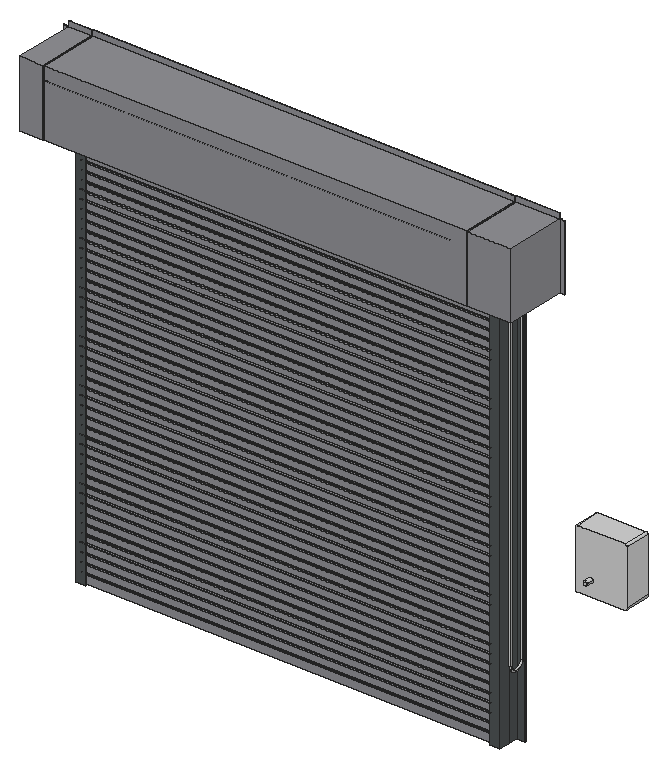
Revit family "RapidSlat-Rolling-Steel-Service-Doors_OHD_Model-626_compact", category Specialty Equipment, host Wall, Revit 2023
Family settings
  Host = Wall
  Round Connector Dimension = Use Diameter
  Part Type = Normal
  OmniClass Number = 23.30.10.21.34
  OmniClass Title = Industrial Doors
  Enable Cutting in Views = No
  Always vertical = Yes
  Cut with Voids When Loaded = Yes
  Maintain Annotation Orientation = No
  Shared = No
  Room Calculation Point = No
Parameters (values of type "208 volts, one phase, 60 Hz (208-240V range)")
  Warning Sign [instance] = if(Calculated Area > 683.00 SF, 1 = 1, 1 = 2)  # no
  Warning (Note) [instance] = if(Warning Sign, "The Door Area is out of the limit; please adjust accordingly. The maximum allowed area is 683 sq. ft.", if(Opening Height > 360", "Headroom Clearance Dimensions - out of the limits. Consult Factory", " "))  # " "
  Wall Thickness [instance] = 6"
  Voltage = 208 V
  Version = "1.00.01"  # constant formula
  True Opening Width [instance] = Clear Width  # 120"
  True Opening Height [instance] = Clear Height  # 120"
  Slat Type [instance] = "F-265i"  # constant formula
  Slat Option [instance] = 2  # constant formula
  Slat Length [instance] = Clear Width + G Value * 2 - 1" / 2 * 2  # 126"
  Slat Height [instance] = 13 19/128"  # constant formula
  Slat [instance] = if(Slat Option < 2, 1, 2)  # 2
  Product Page URL = "https://www.overheaddoor.com/rolling-steel-service-doors-626"
  Power Factor = 1
  Powder Coat (Note) = "PowderGuard® Premium powder coat finish options are available in approximately 200 colors as well as custom matching to specification. PowderGuard® Textured finish, a thicker, more scratch resistant coat, is available in 11 colors providing enhanced scratch resistance as well as aiding in hiding the dirt and blemishes that often occur in commercial environments.​"  # constant formula
  Opening Width Real [instance] = if(Opening Width > Max Opening Width, Max Opening Width, if(Opening Width < Min Opening Width, Min Opening Width, Opening Width))  # 120"
  Opening Width [instance] = 120"
  Opening Height Real [instance] = if(Opening Height > Max Opening Height, Max Opening Height, if(Opening Height < Min Opening Height, Min Opening Height, Opening Height))  # 120"
  Opening Height [instance] = 120"
  One Array element [instance] = not(Array Vis)  # no
  Number of Poles = 1
  Motor Position [instance] = M Value - G Value  # 2 3/4"
  Min Opening Width [instance] = 18"  # constant formula
  Min Opening Height [instance] = 24"  # constant formula
  Max Opening Width [instance] = 360"  # constant formula
  Max Opening Height [instance] = 240"  # constant formula
  Material Finish [instance] = 626 : Standard - Gray
  M Value [instance] = if(or(Opening Width < 108", Opening Width = 108"), 5 3/4", if(or(Opening Width < 180", Opening Width = 180"), 6 1/4", if(or(Opening Width < 240", Opening Width = 240"), 7 1/4", 9 1/4")))  # 6 1/4"
  Installation Real [instance] = Wall Thickness  # 6"
  Hood Type [instance] = "Square Hood"  # constant formula
  Hood Offset [instance] = 4"  # constant formula
  Hood Material [instance] = Metal - Overhead Door - Gray
  Hood Height [instance] = A Value + 2"  # 20"
  Headroom Height Real [instance] = Hood Offset + Hood Height  # 24"
  Headroom Height [instance] = Headroom Height Real + 1 1/2"  # 25 1/2"
  HC 4 [instance] = if(or(Clear Height < 84", Clear Height = 84"), 16", if(or(Clear Height < 132", Clear Height = 132"), 18", if(or(Clear Height < 192", Clear Height = 192"), 20", 22")))  # 18"
  HC 3 [instance] = if(or(Clear Height < 108", Clear Height = 108"), 16", if(or(Clear Height < 168", Clear Height = 168"), 18", 20"))  # 18"
  HC 2 [instance] = if(or(Clear Height < 60", Clear Height = 60"), 14", if(or(Clear Height < 120", Clear Height = 120"), 16", if(or(Clear Height < 180", Clear Height = 180"), 18", 20")))  # 16"
  HC 1 [instance] = if(or(Clear Height < 96", Clear Height = 96"), 14", if(or(Clear Height < 168", Clear Height = 168"), 16", 18"))  # 16"
  Guide Type [instance] = "Angled Z Guide"  # constant formula
  Guid Depth [instance] = D Value  # 6 1/4"
  G Value [instance] = if(or(Opening Width < 108", Opening Width = 108"), 3", if(or(Opening Width < 180", Opening Width = 180"), 3 1/2", if(or(Opening Width < 240", Opening Width = 240"), 4", 5 9/16")))  # 3 1/2"
  Frequency = 60 Hz
  Face of Wall Offset [instance] = 5"  # constant formula
  Door Width True [instance] = Clear Width + M Value * 2  # 132 1/2"
  Door Width (Real) [instance] = Clear Width + 1"  # 121"
  Door Height True [instance] = Clear Width + Headroom Height  # 145 1/2"
  Door Height (Real) [instance] = Clear Height + Hood Offset  # 124"
  URL = "https://www.overheaddoor.com/"
  Product data url = "https://www.bimobject.com/overhead-door/product/rapidslat-rolling-steel-service-doors-626"
  Product Guid = "a66eed82-2c6d-4bdc-adc6-971020adabf3"
  Model = "626"  # constant formula
  Manufacturer = "Overhead Door Corporation"  # constant formula
  Wall Closure = By host
  Floor To (CL) of Shaft [instance] = Clear Height + Hood Height / 2 + Hood Offset  # 134"
  Finish Material = Finish - Overhead Door - Black
  Description = "RapidSlat Model 626 Stormtite Advanced Performance service door R-value 7.7, U-value .13, Smoke generation 10, Flame spread 5, STC 21"  # constant formula
  Default Elevation = 0"
  Date Updated = "2026/05/29"  # constant formula
  D Value [instance] = if(or(Opening Width < 108", Opening Width = 108"), 5 11/16", if(or(Opening Width < 180", Opening Width = 180"), 6 1/4", if(or(Opening Width < 240", Opening Width = 240"), 6 3/16", 7 1/16")))  # 6 1/4"
  Clear Width [instance] = Opening Width Real  # 120"
  Clear Height [instance] = Opening Height Real  # 120"
  Current = 20 A
  BimObject_Variable_Connectors = "No"  # constant formula
  Backroom Depth [instance] = A Value + 1/2"  # 18 1/2"
  BJ Displacement Real [instance] = 0"  # constant formula
  Array Vis [instance] = if(Array < 2, 1 = 2, 1 = 1)  # yes
  Array Real [instance] = if(Array < 2, 2, Array)  # 10
  Array Length [instance] = (Array) * Slat Height  # 131 31/64"
  Array [instance] = rounddown(([Door Height (Real)] - 3") / Slat Height) + 1  # 10
  Calculated Area [instance] = [Door Width (Real)] * [Door Height (Real)]  # 104.194 SF
  Apparent Load Phase 3 = if(Number of Poles = 1, 0 VA, (Voltage * Current * sqrt(3)) / 3)  # 0 VA
  Apparent Load Phase 2 = if(Number of Poles = 1, 0 VA, (Voltage * Current * sqrt(3)) / 3)  # 0 VA
  Apparent Load Phase 1 = if(Number of Poles = 1, Voltage * Current, (Voltage * Current * sqrt(3)) / 3)  # 4160 VA
  A Value [instance] = if(Slat Option < 2, HC 3, HC 4)  # 18"
Reference planes (in)
  plane 1 "Center (Front/Back)": y = -14.625
  plane 2 "Center (Left/Right)": x = 0
  plane 3 "Left": x = -60
  plane 4 "Right": x = 60
  plane 5 "Exterior": y = -8.625
  plane 6 "Interior": y = -14.625
  plane 7: x = 66.25
  plane 8: x = -66.25
  plane 9: z = 120
  plane 10 "Main": y = -20.23437
  plane 11 "Backroom Depth": y = -32.125
  plane 12 "Main Door Block": y = -13.625
  plane 13 "Bottom Bar": z = 2.75
  plane 14: y = -20.875
  plane 15: z = 134.23438
  plane 16: z = 144
  plane 17: z = 124
  plane 18: z = 145.5
  plane 19: z = 0
  plane 20: z = 60
  plane 21: y = -20.0625
  plane 22: y = 18.375
  plane 23: y = -41.625
  plane 24 "Double Main": y = -19.656
  plane 25 "Headroom Top": z = 145.5
  plane 26: z = 134
  plane 27: x = 63.5
  plane 28: x = -63.5
  plane 29: z = 121.08594
  plane 30: y = -20.0625
  plane 31: z = 2.75
  plane 32: y = -20.0625
  plane 33: z = 121.08594
  plane 34: y = -20.0625
  plane 35: z = 15.89844
  plane 36: y = -20.0625
  plane 37: z = 29.04688
  plane 38: y = -20.0625
  plane 39: z = 42.19531
  plane 40: y = -20.0625
  plane 41: z = 55.34375
  plane 42: y = -20.0625
  plane 43: z = 68.49219
  plane 44: y = -20.0625
  plane 45: z = 81.64063
  plane 46: y = -20.0625
  plane 47: z = 94.78906
  plane 48: y = -20.0625
  plane 49: z = 107.9375
  plane 50: z = 2.75
  plane 51: y = -20.0625
  plane 52: z = 121.08594
  plane 53: y = -20.0625
  plane 54: z = 15.89844
  plane 55: y = -20.0625
  plane 56: z = 29.04688
  plane 57: y = -20.0625
  plane 58: z = 42.19531
  plane 59: y = -20.0625
  plane 60: z = 55.34375
  plane 61: y = -20.0625
  plane 62: z = 68.49219
  plane 63: y = -20.0625
  plane 64: z = 81.64063
  plane 65: y = -20.0625
  plane 66: z = 94.78906
  plane 67: y = -20.0625
  plane 68: z = 107.9375
  plane 69: y = -20.0625
Forms (in)
  Extrusion 1, void
    sketch origin (0, -13.625, 0) x (0, 0, -1) y (-1, 0, 0)
      loop
        line (-120, 60) -> (-120, -60) -> (0, -60) -> (0, 60) -> (-120, 60)
    from -1 to 5
Text (in)
  text "Exterior" at (-74.96733, 27.31104, 0), in view "Ref. Level"
  text "Interior" at (-74.96733, -25.14366, 0), in view "Ref. Level"
  text "Exterior" at (0, 40.15149, 123.01588), in view "Right"
  text "Interior" at (0, -64.39139, 123.01588), in view "Right"
  text "Interior" at (0, -31.01599, 123.00693), in view "Left"
  text "Exterior" at (0, 54.57065, 123.00693), in view "Left"
Dimensions and locks (in)
  equal spacing: plane 3 "Left", plane 2 "Center (Left/Right)", plane 4 "Right"
  "Clear Width": plane 3 "Left" to plane 4 "Right"
  level to host wall = 459.59655"
  "Clear Height": level to plane 9
  plane 7 to plane 8 = 132 1/2"
  equal spacing: plane 7, plane 2 "Center (Left/Right)", plane 8
  locked: plane 13 "Bottom Bar" to level at 2.75
  "Door Width True": plane 7 to plane 8
  locked: plane 14 to plane 10 "Main" at 0.64063
  "Array Length": plane 15 to plane 13 "Bottom Bar"
  "Backroom Depth": plane 11 "Backroom Depth" to plane 12 "Main Door Block"
  "Hood Height": plane 16 to plane 17
  locked: plane 18 to plane 16 at 1.5
  "Installation Real": plane 1 "Center (Front/Back)" to plane 5 "Exterior"
  "Wall Thickness": host wall to host wall
  equal spacing: plane 9, plane 20, plane 19
  locked: plane 10 "Main" to plane 21 at 0.17187
  equal spacing: plane 22, host wall, plane 23
  locked: plane 22 to plane 23 at 60
  locked: plane 10 "Main" to plane 24 "Double Main" at 0.57837
  "Hood Offset": plane 17 to plane 9
  "Headroom Height": plane 25 "Headroom Top" to plane 9
  "Floor To (CL) of Shaft": plane 26 to level
  "Motor Position": plane 7 to plane 27
  "Motor Position": plane 28 to plane 8
  "Guid Depth": plane 14 to plane 1 "Center (Front/Back)"
  "Slat Height": plane 15 to plane 29
  equal spacing: group 1, group 3, group 4, group 5, group 6, group 7, group 8, group 9, group 10, group 2  (x2)
  equal spacing: group 2, group 10, group 9, group 8, group 7, group 6, group 5, group 4, group 3, group 1
  equal spacing: group 12, group 20, group 19, group 18, group 17, group 16, group 15, group 14, group 13, group 11  (x2)
  equal spacing: group 11, group 13, group 14, group 15, group 16, group 17, group 18, group 19, group 20, group 12
  aligned and locked: plane 5 "Exterior" to host wall
  aligned and locked: host wall to plane 6 "Interior"
  aligned and locked: level to Extrusion 1 sketch curve
  aligned and locked: Extrusion 1 to plane 5 "Exterior"
  aligned and locked: plane 6 "Interior" to Extrusion 1
  aligned and locked: nested 1 to plane 2 "Center (Left/Right)"
  aligned and locked: nested 1 to level
  aligned and locked: level to plane 19
  aligned and locked: nested 1 to plane 1 "Center (Front/Back)"
  aligned and locked: plane 2 "Center (Left/Right)" to nested 2
  aligned and locked: nested 2 to plane 22
  aligned and locked: plane 23 to nested 3
  aligned and locked: nested 3 to plane 2 "Center (Left/Right)"
  aligned and locked: nested 4 to plane 20
  aligned and locked: plane 2 "Center (Left/Right)" to nested 4
  aligned and locked: nested 4 to plane 21
  aligned and locked: plane 4 "Right" to Extrusion 1 sketch curve
  aligned and locked: plane 3 "Left" to Extrusion 1 sketch curve
  aligned and locked: Extrusion 1 sketch curve to plane 9
  aligned and locked: plane 13 "Bottom Bar" to plane 31
  aligned and locked: plane 21 to plane 30
  aligned and locked: plane 29 to plane 33
  aligned and locked: plane 32 to plane 21
  aligned and locked: plane 13 "Bottom Bar" to plane 50
  aligned and locked: plane 21 to plane 51
  aligned and locked: plane 29 to plane 52
  aligned and locked: plane 53 to plane 21
  aligned and locked: plane 21 to nested 15
Nested families (in)
  nested 1: "Lifts" at (0, -14.625, 0), type "Frame Unit"
    with Square Hood yes, Round Hood no, Right Motor Position yes, Octagon Hood no, No Hood no, M Value 6 1/4", Hood Offset 4", Headroom Height Real 24", G Value 3 1/2", Headroom Height 24", Guide Offset 3 1/2", Guide Z Wide 2 3/4", Floor To (CL) of Shaft 134", D Value 6 1/4"
  nested 2: "Label Annotation 1" at (0, 18.375, 0), visible <- "Warning Sign", type "Label Annotation 1"
  nested 3: "Label Annotation 1" at (0, -41.625, 0) x (-1, 0, 0) z (0, 0, 1), visible <- "Warning Sign", type "Label Annotation 1"
  nested 4: "Warning Sign" at (0, -20.0625, 60), visible <- "Warning Sign", type "Warning Sign"
    with Warning Sign no
  nested 5: "626" at (0, -20.0625, 2.75), Slat Option <- "Slat", Opening Width <- "Slat Length", visible <- "Array Vis", type <- "Material Finish", type "Standard - Gray"
    with not av no, Void Offset 1 1/2", Void Height 1", Slat Width 3/4", Slat Position + Offset 14.491", Slat Position 13.15", Slat Option 2, Opening Width 126", Integrated Cutout no, F-265i yes, F 265 no, Cutout Width Offset 1", Cutout Vertical Offset 1.341", Cutout Thickness 3/4", Cutout Horizontal Offset 1"
  nested 6: "626" at (0, -20.0625, 121.08594), Slat Option <- "Slat", Opening Width <- "Slat Length", visible <- "Array Vis", type <- "Material Finish", type "Standard - Gray"
    with not av no, Void Offset 1 1/2", Void Height 1", Slat Width 3/4", Slat Position + Offset 14.491", Slat Position 13.15", Slat Option 2, Opening Width 126", Integrated Cutout no, F-265i yes, F 265 no, Cutout Width Offset 1", Cutout Vertical Offset 1.341", Cutout Thickness 3/4", Cutout Horizontal Offset 1"
  nested 7: "626" at (0, -20.0625, 15.89844), Slat Option <- "Slat", Opening Width <- "Slat Length", visible <- "Array Vis", type <- "Material Finish", type "Standard - Gray"
    with not av no, Void Offset 1 1/2", Void Height 1", Slat Width 3/4", Slat Position + Offset 14.491", Slat Position 13.15", Slat Option 2, Opening Width 126", Integrated Cutout no, F-265i yes, F 265 no, Cutout Width Offset 1", Cutout Vertical Offset 1.341", Cutout Thickness 3/4", Cutout Horizontal Offset 1"
  nested 8: "626" at (0, -20.0625, 29.04688), Slat Option <- "Slat", Opening Width <- "Slat Length", visible <- "Array Vis", type <- "Material Finish", type "Standard - Gray"
    with not av no, Void Offset 1 1/2", Void Height 1", Slat Width 3/4", Slat Position + Offset 14.491", Slat Position 13.15", Slat Option 2, Opening Width 126", Integrated Cutout no, F-265i yes, F 265 no, Cutout Width Offset 1", Cutout Vertical Offset 1.341", Cutout Thickness 3/4", Cutout Horizontal Offset 1"
  nested 9: "626" at (0, -20.0625, 42.19531), Slat Option <- "Slat", Opening Width <- "Slat Length", visible <- "Array Vis", type <- "Material Finish", type "Standard - Gray"
    with not av no, Void Offset 1 1/2", Void Height 1", Slat Width 3/4", Slat Position + Offset 14.491", Slat Position 13.15", Slat Option 2, Opening Width 126", Integrated Cutout no, F-265i yes, F 265 no, Cutout Width Offset 1", Cutout Vertical Offset 1.341", Cutout Thickness 3/4", Cutout Horizontal Offset 1"
  nested 10: "626" at (0, -20.0625, 55.34375), Slat Option <- "Slat", Opening Width <- "Slat Length", visible <- "Array Vis", type <- "Material Finish", type "Standard - Gray"
    with not av no, Void Offset 1 1/2", Void Height 1", Slat Width 3/4", Slat Position + Offset 14.491", Slat Position 13.15", Slat Option 2, Opening Width 126", Integrated Cutout no, F-265i yes, F 265 no, Cutout Width Offset 1", Cutout Vertical Offset 1.341", Cutout Thickness 3/4", Cutout Horizontal Offset 1"
  nested 11: "626" at (0, -20.0625, 68.49219), Slat Option <- "Slat", Opening Width <- "Slat Length", visible <- "Array Vis", type <- "Material Finish", type "Standard - Gray"
    with not av no, Void Offset 1 1/2", Void Height 1", Slat Width 3/4", Slat Position + Offset 14.491", Slat Position 13.15", Slat Option 2, Opening Width 126", Integrated Cutout no, F-265i yes, F 265 no, Cutout Width Offset 1", Cutout Vertical Offset 1.341", Cutout Thickness 3/4", Cutout Horizontal Offset 1"
  nested 12: "626" at (0, -20.0625, 81.64063), Slat Option <- "Slat", Opening Width <- "Slat Length", visible <- "Array Vis", type <- "Material Finish", type "Standard - Gray"
    with not av no, Void Offset 1 1/2", Void Height 1", Slat Width 3/4", Slat Position + Offset 14.491", Slat Position 13.15", Slat Option 2, Opening Width 126", Integrated Cutout no, F-265i yes, F 265 no, Cutout Width Offset 1", Cutout Vertical Offset 1.341", Cutout Thickness 3/4", Cutout Horizontal Offset 1"
  nested 13: "626" at (0, -20.0625, 94.78906), Slat Option <- "Slat", Opening Width <- "Slat Length", visible <- "Array Vis", type <- "Material Finish", type "Standard - Gray"
    with not av no, Void Offset 1 1/2", Void Height 1", Slat Width 3/4", Slat Position + Offset 14.491", Slat Position 13.15", Slat Option 2, Opening Width 126", Integrated Cutout no, F-265i yes, F 265 no, Cutout Width Offset 1", Cutout Vertical Offset 1.341", Cutout Thickness 3/4", Cutout Horizontal Offset 1"
  nested 14: "626" at (0, -20.0625, 107.9375), Slat Option <- "Slat", Opening Width <- "Slat Length", visible <- "Array Vis", type <- "Material Finish", type "Standard - Gray"
    with not av no, Void Offset 1 1/2", Void Height 1", Slat Width 3/4", Slat Position + Offset 14.491", Slat Position 13.15", Slat Option 2, Opening Width 126", Integrated Cutout no, F-265i yes, F 265 no, Cutout Width Offset 1", Cutout Vertical Offset 1.341", Cutout Thickness 3/4", Cutout Horizontal Offset 1"
  nested 15: "626" at (0, -20.0625, 2.75), Slat Option <- "Slat", Opening Width <- "Slat Length", visible <- "One Array element", type <- "Material Finish", type "Standard - Gray"
    with not av no, Void Offset 1 1/2", Void Height 1", Slat Width 3/4", Slat Position + Offset 14.491", Slat Position 13.15", Slat Option 2, Opening Width 126", Integrated Cutout no, F-265i yes, F 265 no, Cutout Width Offset 1", Cutout Vertical Offset 1.341", Cutout Thickness 3/4", Cutout Horizontal Offset 1"
Connectors (in)
  electrical at (94.92963, -22.165, 60.07037), driven by "Apparent Load Phase 1", driven by "Apparent Load Phase 2", driven by "Apparent Load Phase 3", driven by "Power Factor", driven by "Voltage", driven by "Number of Poles"
    settings: on nested 1, index 1, voltage 208 V, apparent load 0 VA, apparent load phase1 4160 VA, apparent load phase2 0 VA, apparent load phase3 0 VA, power factor 1, load classification "Other", number of poles 1, system type 31, power factor state 1, is connector primary yes, connector utility no, sub classification motor no, connector description "Electrical Connector"
Definition of nested family "Lifts"
  Parameters (values of type "Frame Unit")
    True Width = if(Between Jambs, Opening Width, Opening Width + 1/2")  # 120 1/2"
    Square Hood [instance] = if(Hood Option = 2, 1 = 1, 1 = 2)  # yes
    Slat Option = 1
    Round Hood [instance] = if(Hood Option > 3, 1 = 1, 1 = 2)  # no
    Rough Width = 0"
    Rough Height = 0"
    Right Motor Position [instance] = yes
    Octagon Hood [instance] = if(Hood Option = 3, 1 = 1, 1 = 2)  # no
    No Hood [instance] = if(Hood Option < 2, 1 = 1, 1 = 2)  # no
    M Value = 7 1/2"
    Hood Type = if(Hood Option < 2, "No Hood", if(Hood Option = 2, "Square Hood", if(Hood Option = 3, "Octagon Hood", "Round Hood")))  # "Square Hood"
    Hood Option = 2
    Hood Offset = 3"
    Hood Height = Headroom Height Real - Hood Offset  # 20"
    Headroom Height Real = Headroom Height  # 23"
    Half Octagon Side = 3.41726"
    Half Hood Height = Headroom Height - Hood Offset  # 20"
    G Value = 4 1/2"
    E Guide Width = if(Between Jambs, Guide Offset - G Value + BJ Connection Length - BJ Displacement * 2 / 3, 3")  # 3"
    E Guide Height = 3"  # constant formula
    Z Guide = 1 = 1  # yes
    Slat Material = none
    Shaft Offset = if(Hood Height < Header Width, (Header Width - (Header Width - Hood Height)) / 2, Header Width / 2)  # 9 1/4"
    Shaft Material = none
    Shaft Length 2 = 18"  # constant formula
    Shaft Length 1 = 12"  # constant formula
    Setback = if(Between Jambs, 0", 1/2")  # 1/2"
    Opening Width = 120"
    Hood Material = none
    Headroom Height = 23"
    Header Width = 18 1/2"
    Opening Height = 120"
    Guide Type = if(Between Jambs, "Angled Between Jambs Z Guide", if(Guide Option > 1, "Angled Z Guide", "Angled E Guide"))  # "Angled Z Guide"
    Guide Option = if(Between Jambs, 1, 2)  # 2
    Guide Offset = BJ Displacement + G Value  # 4 1/2"
    Guide Z Wide = if(Between Jambs, Guide Offset - G Value + BJ Connection Length - BJ Displacement * 2 / 3, M Value - G Value)  # 3"
    Guide Z Height = 3"  # constant formula
    Floor To (CL) of Shaft = 133"
    Finish Material = none
    Face to Wall Mount = not(Between Jambs)  # yes
    E Guide = if(Between Jambs, 1 = 1, 1 = 2)  # no
    Default Elevation = 0"
    D Value = 5 3/16"
    Chain offset = if(Opening Height < 35", Opening Height - 5", 30")  # 30"
    Between Jambs = no
    BJ Position = if(Between Jambs, 1/4", 0")  # 0"
    BJ Displacement = 0"
    BJ Connection Length = 1 / 3 * BJ Displacement  # 0"
    Angled Guide = 1 = 1  # yes
    1 = 15 1/2"
  Reference planes (in)
    plane 1 "Center (Front/Back)": y = 0
    plane 2: z = 0
    plane 3 "Center (Left/Right)": x = 0
    plane 4 "Opening Height": z = 120
    plane 5: x = -72
    plane 6: x = 78
    plane 7: z = 143
    plane 8: y = 18.5
    plane 9 "Real Opening 2": x = -60
    plane 10 "Real Opening 1": x = 60
    plane 11: z = 123
    plane 12 "Main": y = 0
    plane 13: z = 133
    plane 14: x = 64.5
    plane 15: x = -64.5
    plane 16: x = -64.5
    plane 17: x = 64.5
    plane 18: y = 5.1875
    plane 19: x = -64.25
    plane 20: x = 64.25
    plane 21: z = 144.5
    plane 22: y = 5.1875
    plane 23: y = 4.0625
    plane 24: y = 5.1875
    plane 25: y = 4.0625
    plane 26: y = 0.25
    plane 27: z = 123
    plane 28: z = 30
    plane 29: z = 0
    plane 30: x = 74
    plane 31: x = 96
    plane 32: z = 60
    plane 33: y = 7.54
    plane 34: x = 76.25
    plane 35: x = -70.25
  Forms (in)
    Extrusion 1, solid, material <- "Slat Material"
      sketch origin (0, 0, 0) x (0, 1, 0) y (0, 0, 1)
        loop
          line (4.375, 2.375) -> (4.375, 2.75) -> (3.75, 2.75) -> (3.75, 2.375) -> (4.375, 2.375)
      from -64.25 to 64.25
    Extrusion 2, solid, material <- "Slat Material"
      sketch origin (0, 0, 0) x (0, 1, 0) y (0, 0, 1)
        loop
          line (4.375, 2.375) -> (3.75, 2.375) -> (3.75, 0) -> (4.375, 0) -> (4.375, 2.375)
      from -64.25 to 64.25
    Extrusion 3, solid, material <- "Shaft Material"
      sketch origin (0, -5.35201, 0) x (0, 1, 0) y (0, 0, 1)
        loop
          circle (14.60201, 133) r 0.6
      from -70.25 to 76.25
    Extrusion 4, solid, material <- "Hood Material", visible <- "Square Hood"
      sketch origin (0, 0, 0) x (0, 1, 0) y (0, 0, 1)
        loop
          line (0, 123) -> (18.5, 123) -> (18.5, 144.5) -> (0, 144.5) -> (0, 123)
      from -64.25 to 64.25
    Extrusion 5, solid, material <- "Finish Material", visible <- "E Guide"
      sketch origin (0, 0, 0) x (1, 0, 0) y (0, 1, 0)
        loop
          line (61.5, 0) -> (64.5, 0) -> (64.5, 3) -> (64.4375, 3)
          arc (64.4375, 3) -> (64.30492, 2.94508) -> (64.25, 2.8125) r 0.1875
          line (64.25, 2.8125) -> (64.25, 0.25) -> (61.6875, 0.25)
          arc (61.6875, 0.25) -> (61.55492, 0.19508) -> (61.5, 0.0625) r 0.1875
          line (61.5, 0.0625) -> (61.5, 0)
        loop
          line (-61.5, 0) -> (-61.5, 0.0625)
          arc (-61.5, 0.0625) -> (-61.55492, 0.19508) -> (-61.6875, 0.25) r 0.1875
          line (-61.6875, 0.25) -> (-64.25, 0.25) -> (-64.25, 2.8125)
          arc (-64.25, 2.8125) -> (-64.30492, 2.94508) -> (-64.4375, 3) r 0.1875
          line (-64.4375, 3) -> (-64.5, 3) -> (-64.5, 0) -> (-61.5, 0)
      from 0 to 123
    Extrusion 6, solid, material <- "Finish Material", visible <- "Z Guide"
      sketch origin (0, 0, 0) x (1, 0, 0) y (0, 1, 0)
        loop
          line (67.5, 0) -> (67.5, 0.062)
          arc (67.5, 0.062) -> (67.44494, 0.19494) -> (67.312, 0.25) r 0.188
          line (67.312, 0.25) -> (64.75, 0.25) -> (64.75, 2.812)
          arc (64.75, 2.812) -> (64.69494, 2.94494) -> (64.562, 3) r 0.188
          line (64.562, 3) -> (64.5, 3) -> (64.5, 0) -> (67.5, 0)
        loop
          line (-67.5, 0) -> (-64.5, 0) -> (-64.5, 3) -> (-64.562, 3)
          arc (-64.562, 3) -> (-64.69494, 2.94494) -> (-64.75, 2.812) r 0.188
          line (-64.75, 2.812) -> (-64.75, 0.25) -> (-67.312, 0.25)
          arc (-67.312, 0.25) -> (-67.44494, 0.19494) -> (-67.5, 0.062) r 0.188
          line (-67.5, 0.062) -> (-67.5, 0)
      from 0 to 123
    Extrusion 7, solid, material <- "Finish Material", visible <- "Angled Guide"
      sketch origin (0, 0, 0) x (1, 0, 0) y (0, 1, 0)
        loop
          line (60.5, 5.1875) -> (60.5, 5.1245)
          arc (60.5, 5.1245) -> (60.55477, 4.99227) -> (60.687, 4.9375) r 0.187
          line (60.687, 4.9375) -> (64.25, 4.9375) -> (64.25, 3.1875) -> (60.5, 3.1875) -> (60.5, 3.1245)
          arc (60.5, 3.1245) -> (60.55477, 2.99227) -> (60.687, 2.9375) r 0.187
          line (60.687, 2.9375) -> (64, 2.9375) -> (64, 1.25) -> (64.25, 1.25) -> (64.25, 0.9375) -> (64.5, 0.9375) -> (64.5, 5.1875) -> (60.5, 5.1875)
        loop
          line (-60.5, 5.1875) -> (-64.5, 5.1875) -> (-64.5, 0.9375) -> (-64.25, 0.9375) -> (-64.25, 1.25) -> (-64, 1.25) -> (-64, 2.9375) -> (-60.687, 2.9375)
          arc (-60.687, 2.9375) -> (-60.55477, 2.99227) -> (-60.5, 3.1245) r 0.187
          line (-60.5, 3.1245) -> (-60.5, 3.1875) -> (-64.25, 3.1875) -> (-64.25, 4.9375) -> (-60.687, 4.9375)
          arc (-60.687, 4.9375) -> (-60.55477, 4.99227) -> (-60.5, 5.1245) r 0.187
          line (-60.5, 5.1245) -> (-60.5, 5.1875)
      from 0 to 123
    Extrusion 8, solid, material <- "Hood Material"
      sketch origin (0, 0, 0) x (-1, 0, 0) y (0, 0, 1)
        loop
          line (64.25, 123) -> (64.5, 123) -> (64.5, 143) -> (64.25, 143) -> (64.25, 123)
        loop
          line (-64.5, 123) -> (-64.25, 123) -> (-64.25, 143) -> (-64.5, 143) -> (-64.5, 123)
      from 0 to 18.5
    Extrusion 9, solid, material <- "Hood Material"
      sketch origin (0, 0, 0) x (1, 0, 0) y (0, 1, 0)
        loop
          line (-72, 0) -> (-64.5, 0) -> (-64.5, 18.5) -> (-72, 18.5) -> (-72, 0)
        loop
          line (78, 0) -> (78, 18.5) -> (64.5, 18.5) -> (64.5, 0) -> (78, 0)
      from 123 to 144.5
    Extrusion 10, void
      sketch origin (0, 0, 0) x (1, 0, 0) y (0, 0, 1)
        loop
          line (-72, 144.5) -> (-72, 123) -> (-70.5, 123) -> (-70.5, 143) -> (76.5, 143) -> (76.5, 120) -> (78, 120) -> (78, 144.5) -> (-72, 144.5)
      from -0.25 to -18.5
    Extrusion 11, void
      sketch origin (0, 0, 0) x (1, 0, 0) y (0, 0, 1)
        loop
          line (-72, 143) -> (-70.5, 143) -> (-70.5, 144.5) -> (-72, 144.5) -> (-72, 143)
        loop
          line (78, 143) -> (78, 144.5) -> (76.5, 144.5) -> (76.5, 143) -> (78, 143)
      from 0 to -0.25
    Sweep 12, solid
      path origin (74, -12.75, 1000) x (0, -1, 0) y (0, 0, 1)
        loop
          line (-28.53866, -877) -> (-28.53866, -970)
          arc (-28.53866, -970) -> (-26.10116, -972.4375) -> (-23.66366, -970) r 2.4375
          line (-23.66366, -970) -> (-23.66366, -877)
      profile origin (74, 15.78866, 76.5) x (-1, 0, 0) y (0, -1, 0)
        loop
          circle (0, 0.2675) r 0.2675
    Extrusion 13, solid
      sketch origin (96, 0, 60) x (1, 0, 0) y (0, 0, 1)
        loop
          line (7.25, 8.90625) -> (-7.25, 8.90625)
          arc (-7.25, 8.90625) -> (-7.60355, 8.7598) -> (-7.75, 8.40625) r 0.5
          line (-7.75, 8.40625) -> (-7.75, -8.40625)
          arc (-7.75, -8.40625) -> (-7.60355, -8.7598) -> (-7.25, -8.90625) r 0.5
          line (-7.25, -8.90625) -> (6.68702, -8.90625)
          arc (6.68702, -8.90625) -> (7.43866, -8.59491) -> (7.75, -7.84327) r 1.06298
          line (7.75, -7.84327) -> (7.75, 8.40625)
          arc (7.75, 8.40625) -> (7.60355, 8.7598) -> (7.25, 8.90625) r 0.5
      from 0 to -7.54
    Revolve 14, solid, visible <- "Right Motor Position"
      sketch origin (96, 0, 55.5) x (0, -1, 0) y (1, 0, 0)
        loop
          line (-7.54, -3.41542) -> (-7.54, -2.66542) -> (-9.312, -2.81542) -> (-9.312, -3.41542) -> (-7.54, -3.41542)
        axis (-7.54, -3.41542) -> (-9.312, -3.41542)
      angle from 0 to 360
  Cuts and joins
    Extrusion 10, Extrusion 11 cuts Extrusion 9
    Extrusion 10 cuts Extrusion 4
  Lines and regions (in)
    Masking region 1
      outline origin (0, 0, 0) x (1, 0, 0) y (0, 1, 0)
        loop
          line (-64.5, 18.5) -> (-64.5, 0) -> (64.5, 0) -> (64.5, 18.5) -> (-64.5, 18.5)
    Masking region 2
      outline origin (0, 0, 0) x (1, 0, 0) y (0, 1, 0)
        loop
          line (64.5, 0) -> (78, 0) -> (78, 0.25) -> (76.5, 0.25) -> (76.5, 18.5) -> (64.5, 18.5) -> (64.5, 0)
        loop
          line (-64.5, 0) -> (-64.5, 18.5) -> (-70.5, 18.5) -> (-70.5, 0.25) -> (-72, 0.25) -> (-72, 0) -> (-64.5, 0)
    Masking region 3
      outline origin (0, 0, 0) x (1, 0, 0) y (0, 1, 0)
        loop
          line (88.25, 7.54) -> (88.25, 0) -> (103.75, 0) -> (103.75, 7.54) -> (88.25, 7.54)
    Masking region 4
      outline origin (92.64, 2.54, 60) x (0, -1, 0) y (1, 0, 0)
        loop
          line (-6.772, 0.54458) -> (-6.772, -0.65542) -> (-5, -0.80542) -> (-5, 0.69458) -> (-6.772, 0.54458)
    symbolic lines
      curve 1: line (-64.25, 0, 0) -> (-64.25, 18.5, 0)
      curve 2: line (64.25, 18.5, 0) -> (64.25, 0, 0)
      curve 4: line (-72, 0.25, 0) -> (78, 0.25, 0)
    symbolic lines, visible <- "Octagon Hood"
      curve 3: line (-64.25, 14.69239, 0) -> (64.25, 14.69239, 0)
    reference lines
      curve 5: line (96, 0, 60) -> (105, 0, 60)
      curve 6: line (96, 0, 55.5) -> (101.75, 0, 55.5)
  Dimensions and locks (in)
    Extrusion 1 sketch curve to level = 2 3/8"
    locked: Extrusion 1 sketch curve to Extrusion 1 sketch curve at 0.625
    locked: Extrusion 2 sketch curve to level at 2.375
    "Headroom Height Real": plane 7 to plane 4 "Opening Height"
    plane 8 to plane 1 "Center (Front/Back)" = 18 1/2"
    "Opening Height": plane 4 "Opening Height" to level
    "Hood Offset": plane 11 to plane 4 "Opening Height"
    "BJ Position": plane 12 "Main" to plane 1 "Center (Front/Back)"
    "Header Width": plane 12 "Main" to plane 8
    "Floor To (CL) of Shaft": plane 13 to level
    "Shaft Offset": Extrusion 3 sketch curve to plane 8
    locked: Extrusion 2 sketch curve to Extrusion 2 sketch curve at 0.625
    "Guide Offset": plane 10 "Real Opening 1" to plane 14
    "Guide Offset": plane 15 to plane 9 "Real Opening 2"
    locked: Extrusion 5 sketch curve to Extrusion 5 sketch curve at 0.25  (x4)
    "E Guide Height": Extrusion 5 sketch curve to Extrusion 5 sketch curve  (x2)
    "E Guide Width": Extrusion 5 sketch curve to Extrusion 5 sketch curve  (x2)
    locked: Extrusion 6 sketch curve to Extrusion 6 sketch curve at 0.25  (x4)
    "Guide Z Wide": Extrusion 6 sketch curve to Extrusion 6 sketch curve  (x2)
    "Guide Z Height": Extrusion 6 sketch curve to Extrusion 6 sketch curve  (x2)
    locked: Extrusion 7 sketch curve to Extrusion 7 sketch curve at 0.25  (x8)
    locked: Extrusion 7 sketch curve to Extrusion 7 sketch curve at 2.25  (x2)
    locked: Extrusion 7 sketch curve to Extrusion 7 sketch curve at 4.25  (x2)
    locked: Extrusion 7 sketch curve to Extrusion 7 sketch curve at 0.3125  (x2)
    "Setback": plane 10 "Real Opening 1" to Extrusion 7 sketch curve
    "Setback": Extrusion 7 sketch curve to plane 9 "Real Opening 2"
    equal spacing: plane 15, plane 3 "Center (Left/Right)", plane 14
    "G Value": Extrusion 6 sketch curve to plane 9 "Real Opening 2"
    "G Value": plane 10 "Real Opening 1" to Extrusion 6 sketch curve
    "G Value": plane 10 "Real Opening 1" to plane 17
    "G Value": plane 16 to plane 9 "Real Opening 2"
    "Shaft Length 1": plane 5 to plane 9 "Real Opening 2"
    "Shaft Length 2": plane 6 to plane 10 "Real Opening 1"
    locked: Extrusion 2 to plane 17 at 0.25
    locked: Extrusion 2 to plane 16 at 0.25
    locked: plane 16 to plane 19 at 0.25
    locked: plane 20 to plane 17 at 0.25
    equal spacing: plane 9 "Real Opening 2", plane 3 "Center (Left/Right)", plane 10 "Real Opening 1"
    "Opening Width": plane 9 "Real Opening 2" to plane 10 "Real Opening 1"
    locked: plane 21 to plane 7 at 1.5
    "D Value": plane 1 "Center (Front/Back)" to plane 18
    "D Value": plane 22 to plane 1 "Center (Front/Back)"
    locked: plane 22 to plane 23 at 1.125
    equal spacing: Extrusion 1 sketch curve, plane 23, Extrusion 1 sketch curve
    "D Value": plane 24 to plane 1 "Center (Front/Back)"
    locked: plane 24 to plane 25 at 1.125
    equal spacing: Extrusion 2 sketch curve, plane 25, Extrusion 2 sketch curve
    "G Value": plane 10 "Real Opening 1" to Extrusion 7 sketch curve
    "G Value": Extrusion 7 sketch curve to plane 9 "Real Opening 2"
    locked: Extrusion 10 sketch curve to Extrusion 10 sketch curve at 1.5  (x2)
    locked: plane 26 to plane 12 "Main" at 0.25
    locked: Extrusion 11 sketch curve to Extrusion 11 sketch curve at 1.5  (x2)
    "Chain offset": plane 28 to plane 29
    locked: plane 30 to plane 6 at 4
    locked: plane 20 to plane 31 at 31.75
    locked: plane 32 to level at 60
    locked: curve 5 to curve 5 at 9
    equal spacing: Masking region 3 sketch curve, plane 31, Masking region 3 sketch curve
    locked: Revolve 14 sketch curve to Revolve 14 sketch curve at 0.6
    locked: Revolve 14 sketch curve to Revolve 14 sketch curve at 0.75
    locked: plane 33 to Revolve 14 sketch curve at 1.772
    locked: Masking region 3 sketch curve to Masking region 3 sketch curve at 7.54
    locked: curve 5 to curve 6 at 4.5
    locked: curve 6 to curve 6 at 5.75
    locked: Masking region 3 sketch curve to plane 31 at 7.75
    locked: plane 34 to plane 6 at 1.75
    locked: plane 5 to plane 35 at 1.75
    radius of Extrusion 5 sketch curve = 3/16"  (x4)
    radius of Extrusion 6 sketch curve = 0.188"  (x4)
    locked: Extrusion 7 sketch curve to Extrusion 7 sketch curve (radius 0.187")  (x4)
    aligned and locked: plane 2 to level
    aligned and locked: Extrusion 4 sketch curve to plane 8
    aligned and locked: plane 13 to Extrusion 3 sketch curve
    aligned and locked: plane 12 "Main" to Extrusion 5 sketch curve  (x2)
    aligned and locked: Extrusion 5 sketch curve to plane 14
    aligned and locked: plane 15 to Extrusion 5 sketch curve
    aligned and locked: Extrusion 6 sketch curve to plane 1 "Center (Front/Back)"  (x2)
    aligned and locked: Extrusion 7 sketch curve to Extrusion 7 sketch curve  (x4)
    aligned and locked: plane 18 to Extrusion 7 sketch curve
    aligned and locked: Extrusion 7 sketch curve to plane 18
    aligned and locked: plane 12 "Main" to Extrusion 4 sketch curve
    aligned and locked: Extrusion 8 sketch curve to plane 11  (x2)
    aligned and locked: Extrusion 8 sketch curve to plane 7  (x2)
    aligned and locked: plane 16 to Extrusion 8 sketch curve
    aligned and locked: Extrusion 8 sketch curve to plane 17
    aligned and locked: Masking region 1 sketch curve to Extrusion 4
    aligned and locked: Masking region 1 to curve 2  (x2)
    aligned and locked: Masking region 1 to curve 1  (x2)
    aligned and locked: Extrusion 2 to Extrusion 1
    aligned and locked: Extrusion 1 to Extrusion 2
    aligned and locked: Masking region 1 to plane 16
    aligned and locked: Masking region 1 to plane 17
    aligned and locked: plane 19 to Extrusion 8 sketch curve
    aligned and locked: plane 20 to Extrusion 8 sketch curve
    aligned and locked: plane 19 to Extrusion 4
    aligned and locked: Extrusion 4 to plane 20
    aligned and locked: plane 8 to Extrusion 8
    aligned and locked: plane 19 to curve 3
    aligned and locked: plane 20 to curve 3
    aligned and locked: Extrusion 4 sketch curve to plane 11
    aligned and locked: Extrusion 6 to plane 11
    aligned and locked: plane 11 to Extrusion 5
    aligned and locked: plane 11 to Extrusion 7
    aligned and locked: Extrusion 9 sketch curve to plane 5
    aligned and locked: plane 16 to Extrusion 9 sketch curve
    aligned and locked: plane 1 "Center (Front/Back)" to Extrusion 9 sketch curve
    aligned and locked: Extrusion 9 sketch curve to plane 8  (x2)
    aligned and locked: Extrusion 9 sketch curve to plane 6
    aligned and locked: Extrusion 9 sketch curve to plane 14
    aligned and locked: Extrusion 9 sketch curve to plane 1 "Center (Front/Back)"
    aligned and locked: Extrusion 9 to plane 11
    aligned and locked: Extrusion 9 to plane 21
    aligned and locked: Extrusion 10 sketch curve to plane 21
    aligned and locked: Extrusion 10 sketch curve to plane 7
    aligned and locked: Extrusion 10 sketch curve to plane 5
    aligned and locked: Extrusion 10 sketch curve to plane 6
    aligned and locked: Extrusion 10 sketch curve to plane 11
    aligned and locked: Extrusion 10 sketch curve to plane 4 "Opening Height"
    aligned and locked: Extrusion 10 to plane 8
    aligned and locked: Extrusion 10 to plane 26
    aligned and locked: Extrusion 4 sketch curve to plane 21
    aligned and locked: plane 5 to Extrusion 11 sketch curve
    aligned and locked: plane 6 to Extrusion 11 sketch curve
    aligned and locked: Extrusion 11 sketch curve to plane 7
    aligned and locked: Extrusion 11 sketch curve to plane 21
    aligned and locked: plane 21 to Extrusion 11 sketch curve
    aligned and locked: plane 7 to Extrusion 11 sketch curve
    aligned and locked: plane 26 to Extrusion 11
    aligned and locked: Extrusion 11 to plane 1 "Center (Front/Back)"
    aligned and locked: Masking region 2 sketch curve to plane 14
    aligned and locked: Masking region 2 sketch curve to cut or joined group of Extrusion 9, Extrusion 10, Extrusion 11  (x5)
    aligned and locked: cut or joined group of Extrusion 9, Extrusion 10, Extrusion 11 to Masking region 2 sketch curve
    aligned and locked: Masking region 2 sketch curve to plane 6
    aligned and locked: plane 16 to Masking region 2 sketch curve
    aligned and locked: Masking region 2 sketch curve to plane 26
    aligned and locked: Masking region 2 sketch curve to plane 5
    aligned and locked: plane 1 "Center (Front/Back)" to Masking region 2 sketch curve
    aligned and locked: curve 4 to plane 26
    aligned and locked: plane 6 to curve 4
    aligned and locked: plane 5 to curve 4
    aligned and locked: plane 27 to Sweep 12 sketch curve  (x2)
    aligned and locked: plane 28 to Sweep 12 sketch curve  (x2)
    aligned and locked: plane 11 to plane 27
    aligned and locked: level to plane 29
    aligned and locked: plane 31 to curve 5
    aligned and locked: curve 5 to plane 32
    aligned and locked: Revolve 14 sketch curve to Revolve 14 sketch curve
    aligned and locked: Revolve 14 sketch curve to plane 33
    aligned and locked: Masking region 4 sketch curve to Revolve 14  (x2)
    aligned and locked: Masking region 3 sketch curve to plane 1 "Center (Front/Back)"
    aligned and locked: plane 31 to curve 6
    aligned and locked: Extrusion 3 to plane 34
    aligned and locked: plane 35 to Extrusion 3
  Automatic sketch dimensions
    curve 3 to curve 2 = 3.80761"
    Masking region 1 sketch curve to plane 1 "Center (Front/Back)" = 0"
    Masking region 1 sketch curve to plane 15 = 0"
    Masking region 1 sketch curve to plane 14 = 0"
    Sweep 12 sketch curve to plane 8 = 2.71134"
    Sweep 12 sketch curve to Sweep 12 sketch curve = 2 7/16"
    Sweep 12 sketch curve to profile plane = 0"
    Sweep 12 sketch curve to profile plane = 0.2675"
    Masking region 4 sketch curve to curve 5 = 4.16542"
    Masking region 4 sketch curve to curve 5 = 4.01542"
    Masking region 4 sketch curve to curve 5 = 2.81542"
    Masking region 4 sketch curve to curve 5 = 2.66542"
    Extrusion 13 sketch curve to curve 5 = 7 3/4"
    Extrusion 13 sketch curve to Extrusion 13 sketch curve = 1/2"  (x3)
    Extrusion 13 sketch curve to curve 5 = 1 3/4"
    Extrusion 13 sketch curve to curve 5 = 8 29/32"
    curve 5 to Extrusion 13 sketch curve = 8 13/32"
    Extrusion 13 sketch curve to Extrusion 13 sketch curve = 1.06298"
    Revolve 14 sketch curve to curve 6 = 3.41542"
    Revolve 14 sketch curve to curve 6 = 18.88505"
    Revolve 14 sketch curve to curve 6 = 3.07036"
    Extrusion 1 sketch curve to Extrusion 1 sketch curve = 3/8"
    Extrusion 2 sketch curve to level = 0"
    radius of Extrusion 3 sketch curve = 0.6"
    radius of Sweep 12 sketch curve = 0.2675"
Definition of nested family "626"
  Parameters (values of type "Standard - Gray")
    not av [instance] = 1 = 2  # no
    Void Offset [instance] = if(Integrated Cutout, 3/8", 1 1/2")  # 1 1/2"
    Void Height [instance] = 1"  # constant formula
    Standard = yes
    Slat Width [instance] = if(Slat Option < 2, 0.63", 3/4")  # 3/4"
    Slat Position + Offset [instance] = Slat Position + Cutout Vertical Offset  # 14.491"
    Slat Position [instance] = 2.63" * 5  # 13.15"
    Slat Option [instance] = 3
    Rough Height = 0"
    Perforation = no
    Fenestration Small = no
    Fenestration Large = no
    F-265i [instance] = if(Slat Option > 1, 1 = 1, 1 = 2)  # yes
    F 265 [instance] = if(Slat Option < 2, 1 = 1, 1 = 2)  # no
    Cutout Width Offset [instance] = 1"  # constant formula
    Cutout Thickness [instance] = 3/4"  # constant formula
    Cutout Material 2 = none
    Cutout Horizontal Offset [instance] = 1"  # constant formula
    Cutout Material = none
    Panel Material = none
    Opening Width [instance] = 128"
    Cutout Vertical Offset [instance] = if(F 265, 0.894", 1.341")  # 1.341"
    Default Elevation = 48"
    Integrated Cutout [instance] = if(or(Fenestration Large, Fenestration Small), 1 = 1, 1 = 2)  # no
    Analytic Construction = "<None>"
  Types (6): name | Void Offset | Fenestration Large | Integrated Cutout
    Standard - White | 1 1/2" | no | no
    Standard - Tan | 1 1/2" | no | no
    Standard - Gray | 1 1/2" | no | no
    Vision lites 1”x10” - White | 3/8" | yes | yes
    Vision lites 1”x10” - Tan | 3/8" | yes | yes
    Vision lites 1”x10” - Gray | 3/8" | yes | yes
  Reference planes (in)
    plane 1 "Center (Front/Back)": y = 0
    plane 2: z = 0
    plane 3 "Center (Left/Right)": x = 0
    plane 4: x = -64
    plane 5: x = 64
    plane 6: y = 0.75
    plane 7: y = 0
    plane 8: y = 0.375
    plane 9: y = 0.29845
    plane 10: x = -63
    plane 11: x = 63
  Forms (in)
    Extrusion 1, void
      sketch origin (0, 0, 0) x (0, 1, 0) y (0, 0, 1)
        loop
          line (1.04845, 1.841) -> (1.04845, 0.841) -> (1.79845, 0.841) -> (1.79845, 1.841) -> (1.04845, 1.841)
        loop
          line (1.04845, 4.471) -> (1.04845, 3.471) -> (1.79845, 3.471) -> (1.79845, 4.471) -> (1.04845, 4.471)
        loop
          line (1.04845, 7.101) -> (1.04845, 6.101) -> (1.79845, 6.101) -> (1.79845, 7.101) -> (1.04845, 7.101)
        loop
          line (1.04845, 9.731) -> (1.04845, 8.731) -> (1.79845, 8.731) -> (1.79845, 9.731) -> (1.04845, 9.731)
        loop
          line (1.04845, 12.361) -> (1.04845, 11.361) -> (1.79845, 11.361) -> (1.79845, 12.361) -> (1.04845, 12.361)
      from -63 to 63
    Extrusion 2, solid, material <- "Panel Material", visible <- "F-265i"
      sketch origin (0, -4.98186, 12.78) x (0, 1, 0) y (0, 0, 1)
        loop
          arc (5.02225, -12.96295) -> (5.02275, -12.99569) -> (5.03693, -13.0252) r 0.07621
          line (5.03693, -13.0252) -> (5.55133, -13.18684)
          arc (5.55133, -13.18684) -> (5.62265, -13.17501) -> (5.65531, -13.11052) r 0.08
          line (5.65531, -13.11052) -> (5.65531, -10.66688)
          arc (5.65531, -10.66688) -> (5.63343, -10.61191) -> (5.57975, -10.58701) r 0.08
          line (5.57975, -10.58701) -> (5.0815, -10.5593)
          arc (5.0815, -10.5593) -> (5.05605, -10.54876) -> (5.04551, -10.52331) r 0.03599
          line (5.04551, -10.52331) -> (5.06989, -10.41003) -> (5.55133, -10.5613)
          arc (5.55133, -10.5613) -> (5.62265, -10.54948) -> (5.65531, -10.48498) r 0.08
          line (5.65531, -10.48498) -> (5.65531, -8.04135)
          arc (5.65531, -8.04135) -> (5.63343, -7.98637) -> (5.57975, -7.96147) r 0.08
          line (5.57975, -7.96147) -> (5.08148, -7.93379)
          arc (5.08148, -7.93379) -> (5.05603, -7.92325) -> (5.04548, -7.89779) r 0.036
          line (5.04548, -7.89779) -> (5.06953, -7.78438) -> (5.55133, -7.93577)
          arc (5.55133, -7.93577) -> (5.62265, -7.92394) -> (5.65531, -7.85945) r 0.08
          line (5.65531, -7.85945) -> (5.65531, -5.41582)
          arc (5.65531, -5.41582) -> (5.63343, -5.36084) -> (5.57975, -5.33594) r 0.08
          line (5.57975, -5.33594) -> (5.0815, -5.30824)
          arc (5.0815, -5.30824) -> (5.05605, -5.2977) -> (5.04551, -5.27225) r 0.03599
          line (5.04551, -5.27225) -> (5.06989, -5.15896) -> (5.55133, -5.31024)
          arc (5.55133, -5.31024) -> (5.62265, -5.29841) -> (5.65531, -5.23392) r 0.08
          line (5.65531, -5.23392) -> (5.65531, -2.79028)
          arc (5.65531, -2.79028) -> (5.63343, -2.73531) -> (5.57975, -2.71041) r 0.08
          line (5.57975, -2.71041) -> (5.08148, -2.68272)
          arc (5.08148, -2.68272) -> (5.05603, -2.67218) -> (5.04548, -2.64673) r 0.036
          line (5.04548, -2.64673) -> (5.06953, -2.53332) -> (5.55133, -2.68471)
          arc (5.55133, -2.68471) -> (5.62265, -2.67288) -> (5.65531, -2.60839) r 0.08
          line (5.65531, -2.60839) -> (5.65531, -0.16474)
          arc (5.65531, -0.16474) -> (5.63335, -0.10968) -> (5.57953, -0.08485) r 0.08
          line (5.57953, -0.08485) -> (5.08062, -0.05849)
          arc (5.08062, -0.05849) -> (5.05598, -0.04829) -> (5.04577, -0.02365) r 0.03484
          line (5.04577, -0.02365) -> (5.09718, 0.2281)
          arc (5.09718, 0.2281) -> (5.4945, 0.38868) -> (5.06596, 0.39136) r 0.21842
          line (5.06596, 0.39136) -> (4.90531, -0.02051) -> (4.90531, -1.84216) -> (5.59531, -1.84216) -> (5.59531, -2.59573)
          arc (5.59531, -2.59573) -> (5.58306, -2.61992) -> (5.55632, -2.62435) r 0.03
          line (5.55632, -2.62435) -> (5.08132, -2.4751) -> (5.09726, -2.39704)
          arc (5.09726, -2.39704) -> (5.49507, -2.23803) -> (5.0667, -2.23228) r 0.21842
          line (5.0667, -2.23228) -> (4.90531, -2.64604) -> (4.90531, -4.46587) -> (5.59531, -4.46587) -> (5.59531, -5.22127)
          arc (5.59531, -5.22127) -> (5.58306, -5.24545) -> (5.55632, -5.24989) r 0.03
          line (5.55632, -5.24989) -> (5.08164, -5.10073) -> (5.09752, -5.02297)
          arc (5.09752, -5.02297) -> (5.49502, -4.86333) -> (5.0667, -4.85781) r 0.21842
          line (5.0667, -4.85781) -> (4.90531, -5.27158) -> (4.90531, -7.0914) -> (5.59531, -7.0914) -> (5.59531, -7.8468)
          arc (5.59531, -7.8468) -> (5.58306, -7.87098) -> (5.55632, -7.87542) r 0.03
          line (5.55632, -7.87542) -> (5.08132, -7.72616) -> (5.09726, -7.6481)
          arc (5.09726, -7.6481) -> (5.49507, -7.4891) -> (5.0667, -7.48335) r 0.21842
          line (5.0667, -7.48335) -> (4.90531, -7.89711) -> (4.90531, -9.71693) -> (5.59531, -9.71693) -> (5.59531, -10.47233)
          arc (5.59531, -10.47233) -> (5.58306, -10.49652) -> (5.55632, -10.50095) r 0.03
          line (5.55632, -10.50095) -> (5.08164, -10.3518) -> (5.09752, -10.27403)
          arc (5.09752, -10.27403) -> (5.49502, -10.1144) -> (5.0667, -10.10888) r 0.21842
          line (5.0667, -10.10888) -> (4.90531, -10.52264) -> (4.90531, -12.34247) -> (5.59531, -12.34247) -> (5.59531, -13.09787)
          arc (5.59531, -13.09787) -> (5.58306, -13.12205) -> (5.55632, -13.12649) r 0.03
          line (5.55632, -13.12649) -> (5.08132, -12.97723) -> (5.09726, -12.89917)
          arc (5.09726, -12.89917) -> (5.49489, -12.73921) -> (5.06631, -12.7363) r 0.21842
          line (5.06631, -12.7363) -> (5.01978, -12.96245)
      from -64 to 64
  Cuts and joins
    Extrusion 1 cuts Extrusion 2
  Lines and regions (in)
    reference lines
      curve 1: line (0, -4.98186, 12.78) -> (0, 10.2077, 12.78)
      curve 2: line (0, -2.86663, 14.491) -> (0, 7.85337, 14.491)
      curve 3: line (0, -2.86663, 11.861) -> (0, 7.85337, 11.861)
      curve 4: line (0, -2.86663, 9.231) -> (0, 7.85337, 9.231)
      curve 5: line (0, -2.86663, 6.601) -> (0, 7.85337, 6.601)
      curve 6: line (0, -2.86663, 1.341) -> (0, 7.85337, 1.341)
      curve 7: line (0, -2.86663, 3.971) -> (0, 7.85337, 3.971)
  Dimensions and locks (in)
    equal spacing: plane 4, plane 3 "Center (Left/Right)", plane 5
    "Opening Width": plane 4 to plane 5
    "Slat Width": plane 1 "Center (Front/Back)" to plane 6
    equal spacing: plane 1 "Center (Front/Back)", plane 8, plane 6
    "Cutout Width Offset": plane 4 to plane 10
    "Cutout Width Offset": plane 5 to plane 11
    "Void Height": Extrusion 1 sketch curve to Extrusion 1 sketch curve  (x5)
    locked: curve 1 to level at 12.78
    "Slat Position": curve 6 to curve 2
    equal spacing: Extrusion 1 sketch curve, curve 3, Extrusion 1 sketch curve
    equal spacing: Extrusion 1 sketch curve, curve 4, Extrusion 1 sketch curve
    equal spacing: Extrusion 1 sketch curve, curve 6, Extrusion 1 sketch curve
    equal spacing: Extrusion 1 sketch curve, curve 5, Extrusion 1 sketch curve
    equal spacing: curve 6, curve 7, curve 5, curve 4, curve 3, curve 2
    equal spacing: Extrusion 1 sketch curve, curve 7, Extrusion 1 sketch curve
    "Cutout Vertical Offset": curve 6 to plane 2
    "Slat Width": Extrusion 1 sketch curve to Extrusion 1 sketch curve
    "Void Offset": plane 9 to Extrusion 1 sketch curve
    locked: plane 9 to plane 8 at 0.07655
    aligned and locked: plane 2 to level
    aligned and locked: plane 1 "Center (Front/Back)" to plane 7
    aligned and locked: plane 9 to nested 1
    aligned and locked: plane 3 "Center (Left/Right)" to nested 1
    aligned and locked: Extrusion 1 sketch curve to Extrusion 1 sketch curve  (x8)
    aligned and locked: plane 10 to Extrusion 1
    aligned and locked: plane 11 to Extrusion 1
    aligned and locked: plane 3 "Center (Left/Right)" to nested 2
    aligned and locked: plane 3 "Center (Left/Right)" to nested 3
    aligned and locked: plane 3 "Center (Left/Right)" to nested 4
    aligned and locked: plane 3 "Center (Left/Right)" to nested 5
    aligned and locked: plane 9 to nested 2
    aligned and locked: plane 9 to nested 3
    aligned and locked: plane 9 to nested 4
    aligned and locked: plane 9 to nested 5
    aligned and locked: plane 5 to Extrusion 2
    aligned and locked: plane 4 to Extrusion 2
  Automatic sketch dimensions
    plane 1 "Center (Front/Back)" to curve 1 = 4.98186"
    plane 1 "Center (Front/Back)" to curve 7 = 2.86663"
    curve 1 to curve 2 = 2.11523"
    curve 5 to curve 7 = 0"
    curve 3 to curve 2 = 0"  (x2)
    curve 6 to curve 7 = 0"
    curve 4 to curve 3 = 0"
    curve 2 to plane 6 = 7.10337"
    curve 5 to plane 6 = 7.10337"
    curve 4 to curve 5 = 0"
    curve 6 to curve 5 = 0"
    curve 7 to curve 5 = 0"
    curve 2 to curve 1 = 2.35433"
    curve 1 to Extrusion 2 sketch curve = 4.90531"  (x4)
    Extrusion 2 sketch curve to Extrusion 2 sketch curve = 0"  (x2)
    Extrusion 2 sketch curve to Extrusion 2 sketch curve = 0.13162"
    Extrusion 2 sketch curve to Extrusion 2 sketch curve = 0.14017"  (x2)
    Extrusion 2 sketch curve to Extrusion 2 sketch curve = 0.14019"  (x2)
    curve 1 to Extrusion 2 sketch curve = 5.27225"
    Extrusion 2 sketch curve to Extrusion 2 sketch curve = 0.14046"
    Extrusion 2 sketch curve to Extrusion 2 sketch curve = 0.02019"
    Extrusion 2 sketch curve to Extrusion 2 sketch curve = 0.02119"  (x2)
    Extrusion 2 sketch curve to Extrusion 2 sketch curve = 0.02122"  (x2)
    curve 1 to Extrusion 2 sketch curve = 4.85781"
    Extrusion 2 sketch curve to Extrusion 2 sketch curve = 0.02405"  (x2)
    curve 1 to Extrusion 2 sketch curve = 5.15896"
    Extrusion 2 sketch curve to Extrusion 2 sketch curve = 0.02439"  (x2)
    Extrusion 2 sketch curve to Extrusion 2 sketch curve = 0.03484"
    Extrusion 2 sketch curve to Extrusion 2 sketch curve = 0.04439"
    Extrusion 2 sketch curve to Extrusion 2 sketch curve = 0.01179"  (x2)
    Extrusion 2 sketch curve to Extrusion 2 sketch curve = 0.036"  (x2)
    curve 1 to Extrusion 2 sketch curve = 2.68272"
    Extrusion 2 sketch curve to Extrusion 2 sketch curve = 0.03599"  (x2)
    Extrusion 2 sketch curve to Extrusion 2 sketch curve = 0.01175"  (x2)
    curve 1 to Extrusion 2 sketch curve = 5.10073"
    Extrusion 2 sketch curve to Extrusion 2 sketch curve = 0.0156"
    Extrusion 2 sketch curve to Extrusion 2 sketch curve = 0.03122"
    Extrusion 2 sketch curve to Extrusion 2 sketch curve = 0.01594"  (x2)
    Extrusion 2 sketch curve to Extrusion 2 sketch curve = 0.00034"  (x2)
    curve 1 to Extrusion 2 sketch curve = 5.02297"
    Extrusion 2 sketch curve to Extrusion 2 sketch curve = 0.01588"  (x2)
    Extrusion 2 sketch curve to Extrusion 2 sketch curve = 0.18279"  (x3)
    Extrusion 2 sketch curve to Extrusion 2 sketch curve = 0.21361"  (x2)
    Extrusion 2 sketch curve to Extrusion 2 sketch curve = 0.18305"
    curve 1 to Extrusion 2 sketch curve = 5.31024"
    Extrusion 2 sketch curve to Extrusion 2 sketch curve = 0.46983"  (x2)
    Extrusion 2 sketch curve to Extrusion 2 sketch curve = 0.27102"
    curve 1 to Extrusion 2 sketch curve = 2.68471"
    Extrusion 2 sketch curve to Extrusion 2 sketch curve = 0.46985"  (x2)
    Extrusion 2 sketch curve to Extrusion 2 sketch curve = 0.00499"  (x5)
    curve 1 to Extrusion 2 sketch curve = 5.24989"
    Extrusion 2 sketch curve to Extrusion 2 sketch curve = 0.00899"  (x5)
    Extrusion 2 sketch curve to Extrusion 2 sketch curve = 0.02398"  (x3)
    Extrusion 2 sketch curve to Extrusion 2 sketch curve = 0.49469"
    Extrusion 2 sketch curve to Extrusion 2 sketch curve = 0.01"  (x5)
    Extrusion 2 sketch curve to Extrusion 2 sketch curve = 0.08"  (x3)
    Extrusion 2 sketch curve to Extrusion 2 sketch curve = 0.00422"
    Extrusion 2 sketch curve to Extrusion 2 sketch curve = 0.02842"  (x3)
    curve 1 to Extrusion 2 sketch curve = 2.71041"
    curve 1 to Extrusion 2 sketch curve = 5 43/128"
    Extrusion 2 sketch curve to Extrusion 2 sketch curve = 0.315"  (x3)
    Extrusion 2 sketch curve to Extrusion 2 sketch curve = 0.02"
    Extrusion 2 sketch curve to Extrusion 2 sketch curve = 0.06"
    Extrusion 2 sketch curve to Extrusion 2 sketch curve = 1.67559"
    Extrusion 2 sketch curve to Extrusion 2 sketch curve = 0.39195"  (x2)
    Extrusion 2 sketch curve to Extrusion 2 sketch curve = 0.04559"  (x2)
    Extrusion 2 sketch curve to Extrusion 2 sketch curve = 0.07806"  (x3)
    Extrusion 2 sketch curve to Extrusion 2 sketch curve = 0.05822"
    Extrusion 2 sketch curve to Extrusion 2 sketch curve = 0.11273"
    Extrusion 2 sketch curve to Extrusion 2 sketch curve = 0.11341"
    Extrusion 2 sketch curve to Extrusion 2 sketch curve = 1.78314"
    Extrusion 2 sketch curve to Extrusion 2 sketch curve = 0.07776"
    Extrusion 2 sketch curve to Extrusion 2 sketch curve = 0.05823"
    Extrusion 2 sketch curve to Extrusion 2 sketch curve = 0.11262"
    Extrusion 2 sketch curve to Extrusion 2 sketch curve = 29/256"
    Extrusion 2 sketch curve to Extrusion 2 sketch curve = 1.78316"
    Extrusion 2 sketch curve to Extrusion 2 sketch curve = 0.43753"
    Extrusion 2 sketch curve to Extrusion 2 sketch curve = 0.11917"  (x2)
    Extrusion 2 sketch curve to Extrusion 2 sketch curve = 0.00097"
    Extrusion 2 sketch curve to Extrusion 2 sketch curve = 0.04797"
    Extrusion 2 sketch curve to Extrusion 2 sketch curve = 0.00067"
    curve 1 to Extrusion 2 sketch curve = 4.46587"
    Extrusion 2 sketch curve to Extrusion 2 sketch curve = 0.00068"
    Extrusion 2 sketch curve to Extrusion 2 sketch curve = 0.01597"
    Extrusion 2 sketch curve to Extrusion 2 sketch curve = 0.43571"
    Extrusion 2 sketch curve to Extrusion 2 sketch curve = 1.67742"
    Extrusion 2 sketch curve to Extrusion 2 sketch curve = 0.00314"
    Extrusion 2 sketch curve to Extrusion 2 sketch curve = 0.25175"
    Extrusion 2 sketch curve to Extrusion 2 sketch curve = 0.11957"
    Extrusion 2 sketch curve to Extrusion 2 sketch curve = 0.06154"
    Extrusion 2 sketch curve to Extrusion 2 sketch curve = 0.00247"
    Extrusion 2 sketch curve to Extrusion 2 sketch curve = 0.0313"
    Extrusion 2 sketch curve to Extrusion 2 sketch curve = 0.0005"
  Nested families (in)
    nested 1: "Perforation" at (0, 0.29845, 1.341), visible <- "Integrated Cutout", type "Perforation"
    nested 2: "Perforation" at (0, 0.29845, 3.971), visible <- "Integrated Cutout", type "Perforation"
    nested 3: "Perforation" at (0, 0.29845, 6.601), visible <- "Integrated Cutout", type "Perforation"
    nested 4: "Perforation" at (0, 0.29845, 9.231), visible <- "Integrated Cutout", type "Perforation"
    nested 5: "Perforation" at (0, 0.29845, 11.861), visible <- "Integrated Cutout", type "Perforation"
  Definition of nested family "Perforation"
    Parameters (values of type "Perforation")
      Thickness = 3/4"
      Perforation = none
      Opening Width = 128"
      Offset = 1"
      Height = 1"
      Default Elevation = 48"
    Reference planes (in)
      plane 1 "Center (Front/Back)": y = 0
      plane 2: z = 0
      plane 3 "Center (Left/Right)": x = 0
      plane 4: z = 0.5
      plane 5: z = -0.5
      plane 6: y = -0.375
      plane 7: y = 0.375
      plane 8: x = -64
      plane 9: x = 64
      plane 10: x = -63
      plane 11: x = 63
    Forms (in)
      Extrusion 1, solid, material <- "Perforation"
        sketch origin (0, -0.19, 0) x (0, 1, 0) y (0, 0, 1)
          loop
            line (-0.185, 0.5) -> (-0.185, -0.5) -> (0.565, -0.5) -> (0.565, 0.5) -> (-0.185, 0.5)
        from -63 to 63
    Dimensions and locks (in)
      equal spacing: plane 4, level, plane 5
      "Height": plane 4 to plane 5
      equal spacing: plane 6, plane 1 "Center (Front/Back)", plane 7
      "Thickness": plane 6 to plane 7
      "Opening Width": plane 8 to plane 9
      "Offset": plane 8 to plane 10
      "Offset": plane 9 to plane 11
      equal spacing: plane 8, plane 3 "Center (Left/Right)", plane 9
      aligned and locked: plane 2 to level
      aligned and locked: plane 4 to Extrusion 1
      aligned and locked: Extrusion 1 to plane 5
      aligned and locked: plane 6 to Extrusion 1
      aligned and locked: plane 7 to Extrusion 1
      aligned and locked: Extrusion 1 to plane 10
      aligned and locked: plane 11 to Extrusion 1
    Automatic sketch dimensions
      Extrusion 1 sketch curve to level = 1/2"
      plane 1 "Center (Front/Back)" to Extrusion 1 sketch curve = 3/8"
      Extrusion 1 sketch curve to plane 1 "Center (Front/Back)" = 3/8"
      plane 4 to Extrusion 1 sketch curve = 0"
Definition of nested family "Label Annotation 1"
  Parameters (values of type "Label Annotation 1-8")
    Label = "Area is too big. Please reduce Door Size."
  Reference planes (in)
    plane 1: y = 0
    plane 2: x = 0
  Text (in)
    label "Label" at (0.00375, -0.00345, 0), shows "Label"
Definition of nested family "Warning Sign"
  Parameters (values of type "Warning Sign")
    Warning Sign [instance] = no
    Default Elevation = 48"
  Reference planes (in)
    plane 1 "Center (Front/Back)": y = 0
    plane 2: z = 0
